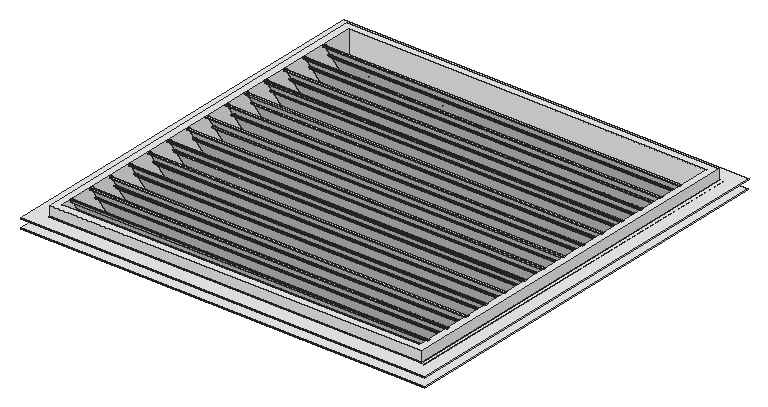
Revit family "NLRS_00_AIR_Muurrooster_ST-483_Storax", category Air Terminals, host Face, Revit 2023
Family settings
  Host = Face
  Round Connector Dimension = Use Diameter
  Part Type = Normal
  Cut with Voids When Loaded = No
  Shared = No
  Room Calculation Point = Yes
Parameters (values of type "ST-483")
  ZZZ_Profile_width_Length [instance] = 885 mm
  ZZZ_Profile top_offset_Length = 124.5 mm
  ZZZ_Profile middle_offset_Length = if(1 = 1, STX_I Blade_pitch, 1 mm)  # 60 mm
  ZZZ_Profile middle_amount__Integer [instance] = if(ZZZ_Profile middle_amount_Integer < 2, 2, ZZZ_Profile middle_amount_Integer)  # 13
  ZZZ_Profile middle_amount_Integer [instance] = (ZZZ_Height_Length - ZZZ_Profile top_offset_Length - ZZZ_Profile middle_offset_Length - ZZZ_Flange_offset_Length) / ZZZ_Profile middle_offset_Length  # 13
  ZZZ_Profile bottom_minimum height_Length = 60 mm
  ZZZ_Profile bottom_height_Length [instance] = if((ZZZ_Height_Length - ZZZ_Profile top_offset_Length - ZZZ_Profile middle_offset_Length * ZZZ_Profile middle_amount_Integer - ZZZ_Flange_offset_Length) < ZZZ_Profile bottom_minimum height_Length, ZZZ_Profile bottom_minimum height_Length, ZZZ_Height_Length - ZZZ_Profile top_offset_Length - ZZZ_Profile middle_offset_Length * ZZZ_Profile middle_amount_Integer - ZZZ_Flange_offset_Length)  # 60 mm
  ZZZ_Louvre_insertion point_Length = 0 mm
  ZZZ_Louvre_insertion point negative_Length = if(1 = 1, -ZZZ_Louvre_insertion point_Length, 1 mm)  # 0 mm
  ZZZ_Louvre_FamilyType_Air Terminals = GEO_louvre_renson : standard
  ZZZ_Housing_medium and coarse_FamilyType_Air Terminals = GEO_housing - gl - medium and coarse_renson : standard
  ZZZ_Height_Length [instance] = 1000 mm
  ZZZ_Half width negative_Length [instance] = -500 mm
  ZZZ_Half height negative_Length [instance] = -500 mm
  ZZZ_Flange_thickness__Length [instance] = if(ZZZ_Flange_thickness_Length < 1 mm, 1 mm, ZZZ_Flange_thickness_Length)  # 24 mm
  ZZZ_Flange_thickness_Length [instance] = 24 mm
  ZZZ_Flange_offset_Length = 57.5 mm
  ZZZ_Flange_FamilyType_Air Terminals = GEO_flange - gl_renson : standard
  ZZZ_Depth_Length = if(1 = 1, RSen_C_depth, 1 mm)  # 87 mm
  ZZZ_Depth negative_Length = if(1 = 1, -RSen_C_depth, 1 mm)  # -87 mm
  ZZZ_Cut out_width__Length [instance] = 920 mm
  ZZZ_Cut out_width_Length [instance] = 920 mm
  ZZZ_Cut out_radius_Length [instance] = 1 mm
  ZZZ_Cut out_height__Length [instance] = 920 mm
  ZZZ_Cut out_height_Length [instance] = 920 mm
  ZZZ_Cut out_diameter_Length [instance] = -80 mm
  ZZZ_Cut out_depth_Length = 500 mm
  ZZZ_Cut out_depth negative_Length = -500 mm
  ZZZ_Backframe_depth_Length [instance] = if(abs(ZZZ_Backframe_Z coordinate_Length) < 28 mm, 27 mm, 54 mm)  # 27 mm
  ZZZ_Backframe_Z coordinate_Length [instance] = -25.5 mm
  ZZZ_Airflow_surface_Area [instance] = STX_V Height * STX_V Width  # 1.00 m²
  ZZZ_Airflow_HVACAirflow = 1.0 m³/h  # constant formula
  Type IFC Predefined Type = "Grille"
  RSen_M_c01_flow_rate [instance] = if(STX_V Supply air, STX_I Airflow_intake by K factor, STX_I Airflow_discharge by K factor)  # 1965.72 m³/h
  RSen_C_width [instance] = if(STX_V Width < STX_I Width_min, STX_I Width_min, if(STX_I Width_max < 1 mm, STX_V Width, if(STX_V Width > STX_I Width_max, STX_I Width_max, STX_V Width)))  # 1000 mm
  RSen_C_type_comments = "glazed-in louvre"
  RSen_C_type = "high-airflow"
  RSen_C_model = "ST-483"
  RSen_C_material = RSen_h4_aluminum
  RSen_C_height [instance] = if(STX_V Height < STX_I Height_min, STX_I Height_min, if(STX_I Height_max < 1 mm, STX_V Height, if(STX_V Height > STX_I Height_max, STX_I Height_max, STX_V Height)))  # 1000 mm
  RSen_C_description = "ST-483"
  RSen_C_depth = 87 mm
  RSen_C_code_gtin = "-"
  RSen_C_code_article = "ST-483"
  RSen_C_code_ETIM_URL = "https://www.storax.nl/producten/renson-ventilatieroosters/st-483-76/"
  RSen_C_code_ETIM = "Overstroomrooster"  # constant formula
  RSen_C_code_CBNL = "Louvre"  # constant formula
  STX_W Fingerprint = "<RSen_C_length> x <RSen_C_height> mm"
  STX_V Width [instance] = 1000 mm
  STX_V Water channel [instance] = no
  STX_V Supply air = yes
  STX_V Mesh [instance] = NLRS_00_GM_Gaas_Storax : Insectengaas 2.3x2.3mm
  STX_V Insect mesh [instance] = yes
  STX_V Air exhaust = not(STX_V Supply air)  # no
  STX_V Pressure drop [instance] = 1.0 Pa
  STX_V Height [instance] = 1000 mm
  STX_I Without flange_info = "no"
  STX_I Without flange = no
  STX_I Width_min = 385 mm
  STX_I Width_max = 4000 mm
  STX_I Water channel = yes
  STX_I U-value = "-"
  STX_I Sound reduction_Rw = "-"
  STX_I Sound reduction_Dw = "-"
  STX_I Size_maximum = "see price list"
  STX_I Size maximum_info [instance] = ""
  STX_I Removable insect mesh_info = "Min. dimensions: 190x190 mm; Max. dimensions: 1500x1200 mm"  # constant formula
  STX_I Removable insect mesh = yes
  STX_I Puncture proof = no
  STX_I Glazed in = yes
  STX_I Flange_thickness = 24 mm
  STX_I Flange_thickness max = 32 mm
  STX_I Backframe = no
  STX_I Air flow [instance] = if(STX_V Supply air, "supply", "exhaust")  # "supply"
  STX_I Visual free area = 0.9
  STX_I Zichtbaar vrije opp. = 0.76
  STX_I Width with flange [instance] = 920 mm
  STX_I Material = "aluminiumAlMgSi0.5"
  STX_I K factor_intake = 5.59
  STX_I K factor_discharge = 5.62
  STX_I IP = "-"
  STX_I Height_min = 385 mm
  STX_I Height_max = 4000 mm
  STX_I G4 filter = yes
  STX_I Shape = "rectangular"
  STX_I Fire resistance = "-"
  STX_I Drainage profile = yes
  STX_I Diameter_min = 0 mm
  STX_I Diameter_max = 0 mm
  STX_I Depth_min = 0 mm
  STX_I Depth_max = 0 mm
  STX_I Control = "-"
  STX_I Ce coefficient_intake = 0.423
  STX_I Cd coefficient_discharge = 0.422
  STX_I Burglarproof_RC class = "-"
  STX_I Blade_type = "L.060HF"
  STX_I Blade_pitch = 60 mm
  STX_I Blade_shape = "Z"
  STX_I Backframe_min wall thickness = 0 mm
  STX_I Backframe_max wall thickness = 0 mm
  STX_I Assembly = ""
  STX_I Colour = ""
  STX_I BaseKeynote = "57.10.90.1"  # constant formula
  STX_I Height with flange [instance] = if(STX_I Glazed in, ZZZ_Height_Length - STX_I Flange_height * 2, ZZZ_Height_Length + STX_I Flange_height * 2)  # 920 mm
  STX_I Airflow_intake by K factor [instance] = ((ZZZ_Airflow_surface_Area / 1.00 m²) * ((sqrt((2.0 Pa * STX_V Pressure drop) / (1.2 * STX_I K factor_intake))) / 1.0 Pa)) * 3600.0 m³/h  # 1965.72 m³/h
  STX_I Airflow_discharge by K factor [instance] = ((ZZZ_Airflow_surface_Area / 1.00 m²) * ((sqrt((2.0 Pa * STX_V Pressure drop) / (1.2 * STX_I K factor_discharge))) / 1.0 Pa)) * 3600.0 m³/h  # 1960.46 m³/h
  STX_I Flange_thickness min = 24 mm
  STX_I Flange_height = 40 mm
  URL = ""
  Type Comments = RSen_C_type_comments  # "glazed-in louvre"
  Model = RSen_C_model  # "ST-483"
  Manufacturer = "Storax"  # constant formula
  IfcExportType = "Grille"  # constant formula
  IfcExportAs = "IfcAirTerminalType"  # constant formula
  Export Type to IFC As = "IfcAirTerminalType"
  Description = RSen_C_description  # "ST-483"
  Default Elevation = 1219.2 mm
  Based on = "Renson"  # constant formula
  Assembly Code = "57.10.90.1"
  Apparent Load = 0 VA
Reference planes
  plane 1 "Center (Front/Back)": y = 0
  plane 2: z = 0
  plane 3 "Center (Left/Right)": x = 0
  plane 4: y = 460
  plane 5: y = -460
  plane 6: x = -460
  plane 7: x = 460
  plane 8: x = -500
  plane 9: x = 500
  plane 10: y = -500
  plane 11: y = 500
  plane 12: z = 25.5
  plane 13: z = -61.5
  plane 14: x = 442.5
  plane 15: x = -442.5
  plane 16: y = 442.5
  plane 17: y = -442.5
  plane 18: y = 375.5
Forms (mm)
  Extrusion 1, solid, not visible, detail levels coarse
    sketch origin (-5, 0, 25.5) x (0, -1, 0) y (1, 0, 0)
      loop
        line (-500, -495) -> (500, -495) -> (500, 505) -> (-500, 505) -> (-500, -495)
    from 0 to -87 <- "ZZZ_Depth negative_Length"
Dimensions and locks
  equal spacing: plane 6, plane 3 "Center (Left/Right)", plane 7
  "STX_I Width with flange": plane 6 to plane 7
  equal spacing: plane 5, plane 1 "Center (Front/Back)", plane 4
  "STX_I Height with flange": plane 4 to plane 5
  equal spacing: plane 8, plane 3 "Center (Left/Right)", plane 9
  plane 8 to plane 9 = 1000 mm
  equal spacing: plane 11, plane 1 "Center (Front/Back)", plane 10
  "ZZZ_Height_Length": plane 11 to plane 10
  "RSen_C_depth": plane 12 to plane 13
  host face to plane 13 = 61.5 mm
  "ZZZ_Flange_offset_Length": plane 14 to plane 9
  "ZZZ_Flange_offset_Length": plane 8 to plane 15
  "ZZZ_Flange_offset_Length": plane 11 to plane 16
  "ZZZ_Flange_offset_Length": plane 17 to plane 10
  "ZZZ_Profile top_offset_Length": plane 11 to plane 18
  aligned and locked: plane 2 to host face
  aligned and locked: level to host face
  aligned and locked: Extrusion 1 sketch curve to plane 10
  aligned and locked: Extrusion 1 sketch curve to plane 9
  aligned and locked: Extrusion 1 sketch curve to plane 11
  aligned and locked: Extrusion 1 sketch curve to plane 8
  aligned and locked: plane 3 "Center (Left/Right)" to nested 3
  aligned and locked: plane 1 "Center (Front/Back)" to nested 3
  aligned and locked: nested 4 to plane 3 "Center (Left/Right)"
  aligned and locked: nested 4 to plane 1 "Center (Front/Back)"
Automatic sketch dimensions
  host sketch curve to host sketch curve = 2438.4 mm  (x2)
Nested families
  nested 1: "GEO_flange - gl_renson" at (0, 0, 25.5), type <- "ZZZ_Flange_FamilyType_Air Terminals", WT_V Flange_thickness <- "ZZZ_Flange_thickness__Length", REN_V Material_01 <- "RSen_C_material", REN_V Depth <- "RSen_C_depth", REN_V Height <- "RSen_C_height", REN_V Width <- "RSen_C_width", type "standard"
    with WT_V Flange_thickness 24 mm, WT_H Width 1000 mm, WT_H Round no, WT_H Rectangular yes, WT_H Radius 2 mm, WT_H Inner width 920 mm, WT_H Inner radius_02 1 mm, WT_H Inner radius 1 mm, WT_H Inner height 920 mm, WT_H Height 1000 mm, WT_H Depth 87 mm, REN_V Width 1000 mm, REN_V Material_01 RSen_h4_aluminum, REN_V Height 1000 mm, REN_V Diameter 0 mm, REN_V Depth 87 mm
  nested 2: "GEO_louvre_renson ST-060-0" at (0, 0, 25.5), WT_H Profile top_offset <- "ZZZ_Profile top_offset_Length", WT_H Profile middle_offset <- "ZZZ_Profile middle_offset_Length", WT_H Profile bottom_minimum height <- "ZZZ_Profile bottom_minimum height_Length", REN_V Height <- "RSen_C_height", REN_H Flange_offset <- "ZZZ_Flange_offset_Length", REN_V Material_01 <- "RSen_C_material", REN_V Width <- "RSen_C_width", type "standard"
    with WT_H Width 885 mm, WT_H Round no, WT_H Remaining height 22.5 mm, WT_H Rectangular yes, WT_H Radius 2 mm, WT_H R1 -57.5 mm, WT_H Profile top_offset 124.5 mm, WT_H Profile middle_single no, WT_H Profile middle_offset 60 mm, WT_H Profile middle_multiple yes, WT_H Profile middle_amount_ 14, WT_H Profile middle_amount 14, WT_H Profile bottom_minimum height 60 mm, WT_H Profile bottom_height 60 mm, WT_H L3 935 mm, WT_H L2 1050 mm, WT_H L1 10 mm, WT_H Height 1000 mm, WT_H Depth 78 mm, REN_V Width 1000 mm, REN_V Material_01 RSen_h4_aluminum, REN_V Height 1000 mm, REN_V Diameter 0 mm, REN_V Depth 78 mm, REN_H Flange_offset 57.5 mm
  nested 3: "water channel - SH_renson" at (0, 0, -61), REN_V Width <- "STX_V Width", REN_V Height <- "STX_V Height", visible <- "STX_V Water channel", REN_V Material_01 <- "RSen_C_material", type "water channel_renson"
    with ZZZ_Width_Length 885 mm, ZZZ_Round_YesNo no, ZZZ_Rectangular_YesNo yes, ZZZ_Radius_Length 2 mm, ZZZ_Height_Length 1000 mm, RSen_C_width 1000 mm, RSen_C_height 1000 mm, RSen_C_diameter 0 mm, REN_V Width 1000 mm, REN_V Material_01 RSen_h4_aluminum, REN_V Height 1000 mm, REN_V Diameter 0 mm, REN_V Depth 0 mm, REN_H Flange_offset 57.5 mm
  nested 4: "NLRS_00_GM_Gaas_Storax" at (-500, 500, -85.3) x (0, -1, 0) z (1, 0, 0), Height <- "STX_V Width", Width <- "STX_V Height", visible <- "STX_V Insect mesh", type "Insectengaas 2.3x2.3mm"
    with Width 1000 mm, Offset_Gaas_Top_Sides 63 mm, Offset_Gaas_Bottom 63 mm, Height 1000 mm
Definition of nested family "GEO_flange - gl_renson"
  Parameters
    WT_V Flange_thickness [instance] = 24 mm
    REN_V Material_01 [instance] = none
    REN_V Width [instance] = 200 mm
    REN_V Height [instance] = 200 mm
    WT_H Round [instance] = not(WT_H Rectangular)  # no
    WT_H Rectangular [instance] = and(REN_V Width > 0 mm, WT_H Height > 0 mm)  # yes
    WT_H Width [instance] = if(REN_V Width = 0 mm, 2 mm, REN_V Width)  # 200 mm
    REN_V Depth [instance] = 86 mm
    REN_V Diameter [instance] = 0 mm
    WT_V Flange_height = 40 mm
    WT_H Height [instance] = if(REN_V Height = 0 mm, 2 mm, REN_V Height)  # 200 mm
    WT_H Inner radius_02 [instance] = if(WT_H Inner radius - WT_V Flange_thickness < 1 mm, 1 mm, WT_H Inner radius - WT_V Flange_thickness)  # 1 mm
    WT_H Inner radius [instance] = if(WT_H Radius - WT_V Flange_height < 1 mm, 1 mm, WT_H Radius - WT_V Flange_height)  # 1 mm
    WT_H Inner width [instance] = if(WT_H Width - WT_V Flange_height * 2 < 1 mm, 1 mm, WT_H Width - WT_V Flange_height * 2)  # 120 mm
    WT_H Inner height [instance] = if(WT_H Height - WT_V Flange_height * 2 < 1 mm, 1 mm, WT_H Height - WT_V Flange_height * 2)  # 120 mm
    WT_H Radius [instance] = if(REN_V Diameter = 0 mm, 2 mm, REN_V Diameter / 2)  # 2 mm
    WT_H Depth [instance] = if(REN_V Depth = 0 mm, 1 mm, REN_V Depth)  # 86 mm
    Default Elevation = 2500 mm
  Reference planes
    plane 1 "Center (Front/Back)": y = 0
    plane 2: z = 0
    plane 3 "Center (Left/Right)": x = 0
    plane 4 "top": z = -86
    plane 5 "left": x = -60
    plane 6 "right": x = 60
    plane 7: x = -100
    plane 8: x = 100
    plane 9 "back": y = 60
    plane 10 "front": y = -60
    plane 11: y = 100
    plane 12: y = -100
    plane 13: z = -24
  Forms (mm)
    Extrusion 1, solid
      sketch origin (0, 0, 0) x (1, 0, 0) y (0, 1, 0)
        loop
          line (-1219.2, 1219.2) -> (-1219.2, -1219.2) -> (1219.2, -1219.2) -> (1219.2, 1219.2) -> (-1219.2, 1219.2)
      from 0 to -304.8
    Sweep 2, solid, material <- "REN_V Material_01"
      path origin (0, 0, 0) x (1, 0, 0) y (0, 1, 0)
        loop
          line (-100, 100) -> (-100, -100) -> (100, -100) -> (100, 100) -> (-100, 100)
      profile "PRF_profile - flange - gl_renson : standaard" origin (0, 100, 0) x (0, 1, 0) y (0, 0, 1)
        loop
          line (0, -25) -> (-39, -25)
          arc (-39, -25) -> (-39.707, -24.707) -> (-40, -24) r 1
          line (-40, -24) -> (-40, 0) -> (-57.5, 0) -> (-57.5, -80) -> (-71, -80) -> (-71, -81.5) -> (-63, -81.5) -> (-63, -85)
          arc (-63, -85) -> (-61.5, -85.866) -> (-61.5, -84.134) r 1
          line (-61.5, -84.134) -> (-61.5, -81.5) -> (-57.5, -81.5) -> (-57.5, -85.5)
          arc (-57.5, -85.5) -> (-56.5, -86.5) -> (-55.5, -85.5) r 1
          line (-55.5, -85.5) -> (-55.5, -64.8)
          arc (-55.5, -64.8) -> (-55.207, -64.093) -> (-54.5, -63.8) r 1
          line (-54.5, -63.8) -> (-40, -63.8) -> (-40, -50)
          arc (-40, -50) -> (-39.707, -49.293) -> (-39, -49) r 1
          line (-39, -49) -> (0, -49) -> (0, -47) -> (-32, -47) -> (-32, -27) -> (0, -27) -> (0, -25)
  Dimensions and locks
    equal spacing: plane 7, plane 3 "Center (Left/Right)", plane 8
    "WT_H Width": plane 7 to plane 8
    equal spacing: plane 5 "left", plane 3 "Center (Left/Right)", plane 6 "right"
    "WT_H Inner width": plane 5 "left" to plane 6 "right"
    equal spacing: plane 11, plane 1 "Center (Front/Back)", plane 12
    equal spacing: plane 9 "back", plane 1 "Center (Front/Back)", plane 10 "front"
    "WT_H Height": plane 12 to plane 11
    "WT_H Inner height": plane 10 "front" to plane 9 "back"
    "WT_H Depth": level to plane 4 "top"
    "WT_V Flange_thickness": level to plane 13
    aligned and locked: plane 2 to Extrusion 1
    aligned and locked: level to Extrusion 1
    aligned and locked: plane 11 to Sweep 2 sketch curve
    aligned and locked: Sweep 2 sketch curve to plane 12
    aligned and locked: Sweep 2 sketch curve to plane 8
    aligned and locked: plane 7 to Sweep 2 sketch curve
  Automatic sketch dimensions
    Extrusion 1 sketch curve to Extrusion 1 sketch curve = 2438.4 mm  (x2)
Definition of nested family "GEO_louvre_renson ST-060-0"
  Parameters (values of type "standard")
    WT_H Remaining height [instance] = (WT_H Height - (WT_H Profile middle_amount * WT_H Profile middle_offset) - (2 * REN_H Flange_offset)) / 2  # 15 mm
    WT_H R1 [instance] = if(1 = 1, REN_V Diameter / 2 - REN_H Flange_offset, 1 mm)  # -20 mm
    WT_H Profile middle_multiple [instance] = WT_H Profile middle_amount > 1  # yes
    WT_H Profile top_offset [instance] = 81 mm
    WT_H Profile middle_single [instance] = and(WT_H Height - WT_H Profile top_offset - WT_H Profile middle_offset - REN_H Flange_offset + 15 mm > WT_H Profile middle_offset, WT_H Profile middle_amount < 2)  # no
    WT_H Profile middle_offset [instance] = 60 mm
    REN_V Material_01 [instance] = none
    REN_V Width [instance] = 1000 mm
    REN_V Height [instance] = 1150 mm
    WT_H Profile middle_amount_ [instance] = if(WT_H Profile middle_amount < 2, 2, WT_H Profile middle_amount)  # 18
    WT_H Profile middle_amount [instance] = rounddown((WT_H Height - REN_H Flange_offset - REN_H Flange_offset) / WT_H Profile middle_offset)  # 18
    WT_H Profile bottom_height [instance] = if((WT_H Height - WT_H Profile top_offset - WT_H Profile middle_offset * WT_H Profile middle_amount - REN_H Flange_offset) < WT_H Profile bottom_minimum height, WT_H Profile bottom_minimum height, WT_H Height - WT_H Profile top_offset - WT_H Profile middle_offset * WT_H Profile middle_amount - REN_H Flange_offset)  # 39 mm
    WT_H L3 [instance] = WT_H Width + 50 mm  # 1010 mm
    WT_H L2 [instance] = WT_H Height + 50 mm  # 1200 mm
    WT_H L1 [instance] = if(or(REN_V Width = 0 mm, REN_V Height = 0 mm), -REN_V Depth - 10 mm, 10 mm)  # 10 mm
    REN_H Flange_offset [instance] = 20 mm
    WT_H Round [instance] = not(WT_H Rectangular)  # no
    WT_H Rectangular [instance] = and(REN_V Width > 0 mm, WT_H Height > 0 mm)  # yes
    WT_H Width [instance] = if(REN_V Width = 0 mm, REN_V Diameter - REN_H Flange_offset * 2, REN_V Width - REN_H Flange_offset * 2)  # 960 mm
    REN_V Depth [instance] = 78 mm
    REN_V Diameter [instance] = 0 mm
    WT_H Profile bottom_minimum height [instance] = 39 mm
    WT_H Height [instance] = if(REN_V Height = 0 mm, REN_V Diameter, REN_V Height)  # 1150 mm
    WT_H Radius [instance] = if(REN_V Diameter = 0 mm, 2 mm, REN_V Diameter / 2)  # 2 mm
    WT_H Depth [instance] = if(REN_V Depth = 0 mm, 1 mm, REN_V Depth)  # 78 mm
    Default Elevation = 2500 mm
  Reference planes
    plane 1 "Center (Front/Back)": y = 0
    plane 2: z = 0
    plane 3 "Center (Left/Right)": x = 0
    plane 4 "top": z = -78
    plane 5: x = -480
    plane 6: x = 480
    plane 7: y = 575
    plane 8: y = -575
    plane 9: y = 555
    plane 10: y = -555
    plane 11: y = 540
    plane 12: y = 480
    plane 13: y = 420
    plane 14: y = 360
    plane 15: y = 300
    plane 16: y = 240
    plane 17: y = 180
    plane 18: y = 120
    plane 19: y = 60
    plane 20: y = 0
    plane 21: y = -60
    plane 22: y = -120
    plane 23: y = -180
    plane 24: y = -240
    plane 25: y = -300
    plane 26: y = -360
    plane 27: y = -420
    plane 28: y = -480
  Forms (mm)
    Extrusion 1, solid
      sketch origin (0, 0, 0) x (1, 0, 0) y (0, 1, 0)
        loop
          line (-1219.2, 1219.2) -> (-1219.2, -1219.2) -> (1219.2, -1219.2) -> (1219.2, 1219.2) -> (-1219.2, 1219.2)
      from 0 to -304.8
    Sweep 2, solid, material <- "REN_V Material_01"
      path origin (0, 30, 0) x (1, 0, 0) y (0, 1, 0)
        loop
          line (-480, 510) -> (480, 510)
      profile "PRF_profile - middle_renson : standaard" origin (0, 540, 0) x (0, 1, 0) y (0, 0, 1)
        loop
          line (-2.032, -76.6) -> (-4.135, -76.6)
          arc (-4.135, -76.6) -> (-5.097, -76.353) -> (-5.822, -75.675) r 2
          line (-5.822, -75.675) -> (-53.45, -0.925)
          arc (-53.45, -0.925) -> (-54.175, -0.247) -> (-55.137, 0) r 2
          line (-55.137, 0) -> (-60.165, 0) -> (-57.911, -3.537)
          arc (-57.911, -3.537) -> (-57.235, -3.986) -> (-56.448, -3.785) r 1
          line (-56.448, -3.785) -> (-57.968, -1.4) -> (-54.808, -1.4) -> (-37.072, -29.235) -> (-39.319, -28.187)
          arc (-39.319, -28.187) -> (-39.731, -28.047) -> (-40.164, -28) r 2
          arc (-40.164, -28) -> (-40.897, -28.135) -> (-41.518, -28.546) r 1.867
          arc (-41.518, -28.546) -> (-41.626, -29.091) -> (-41.164, -29.4) r 0.5
          line (-41.164, -29.4) -> (-40.032, -29.4) -> (-37.725, -30.465) -> (-36.218, -30.869)
          arc (-36.218, -30.869) -> (-35.836, -31.181) -> (-35.817, -31.674) r 0.6
          arc (-35.817, -31.674) -> (-36.221, -32.444) -> (-37.075, -32.606) r 1
          line (-37.075, -32.606) -> (-38.517, -32.22) -> (-39.116, -32.819) -> (-38.586, -33.651) -> (-37.438, -33.959)
          arc (-37.438, -33.959) -> (-35.914, -33.864) -> (-34.756, -32.87) r 2.4
          line (-34.756, -32.87) -> (-6, -78) -> (-1, -78) -> (-1, -79) -> (0, -79) -> (0, -77.742) -> (-1.918, -74.731) -> (-3.174, -74.807) -> (-2.032, -76.6)
    Sweep 3, solid, material <- "REN_V Material_01"
      path origin (0, -30, 0) x (1, 0, 0) y (0, 1, 0)
        loop
          line (-480, 510) -> (480, 510)
      profile "PRF_profile - middle_renson : standaard" origin (0, 480, 0) x (0, 1, 0) y (0, 0, 1)
        loop
          line (-2.032, -76.6) -> (-4.135, -76.6)
          arc (-4.135, -76.6) -> (-5.097, -76.353) -> (-5.822, -75.675) r 2
          line (-5.822, -75.675) -> (-53.45, -0.925)
          arc (-53.45, -0.925) -> (-54.175, -0.247) -> (-55.137, 0) r 2
          line (-55.137, 0) -> (-60.165, 0) -> (-57.911, -3.537)
          arc (-57.911, -3.537) -> (-57.235, -3.986) -> (-56.448, -3.785) r 1
          line (-56.448, -3.785) -> (-57.968, -1.4) -> (-54.808, -1.4) -> (-37.072, -29.235) -> (-39.319, -28.187)
          arc (-39.319, -28.187) -> (-39.731, -28.047) -> (-40.164, -28) r 2
          arc (-40.164, -28) -> (-40.897, -28.135) -> (-41.518, -28.546) r 1.867
          arc (-41.518, -28.546) -> (-41.626, -29.091) -> (-41.164, -29.4) r 0.5
          line (-41.164, -29.4) -> (-40.032, -29.4) -> (-37.725, -30.465) -> (-36.218, -30.869)
          arc (-36.218, -30.869) -> (-35.836, -31.181) -> (-35.817, -31.674) r 0.6
          arc (-35.817, -31.674) -> (-36.221, -32.444) -> (-37.075, -32.606) r 1
          line (-37.075, -32.606) -> (-38.517, -32.22) -> (-39.116, -32.819) -> (-38.586, -33.651) -> (-37.438, -33.959)
          arc (-37.438, -33.959) -> (-35.914, -33.864) -> (-34.756, -32.87) r 2.4
          line (-34.756, -32.87) -> (-6, -78) -> (-1, -78) -> (-1, -79) -> (0, -79) -> (0, -77.742) -> (-1.918, -74.731) -> (-3.174, -74.807) -> (-2.032, -76.6)
    Sweep 4, solid, material <- "REN_V Material_01"
      path origin (0, -90, 0) x (1, 0, 0) y (0, 1, 0)
        loop
          line (-480, 510) -> (480, 510)
      profile "PRF_profile - middle_renson : standaard" origin (0, 420, 0) x (0, 1, 0) y (0, 0, 1)
        loop
          line (-2.032, -76.6) -> (-4.135, -76.6)
          arc (-4.135, -76.6) -> (-5.097, -76.353) -> (-5.822, -75.675) r 2
          line (-5.822, -75.675) -> (-53.45, -0.925)
          arc (-53.45, -0.925) -> (-54.175, -0.247) -> (-55.137, 0) r 2
          line (-55.137, 0) -> (-60.165, 0) -> (-57.911, -3.537)
          arc (-57.911, -3.537) -> (-57.235, -3.986) -> (-56.448, -3.785) r 1
          line (-56.448, -3.785) -> (-57.968, -1.4) -> (-54.808, -1.4) -> (-37.072, -29.235) -> (-39.319, -28.187)
          arc (-39.319, -28.187) -> (-39.731, -28.047) -> (-40.164, -28) r 2
          arc (-40.164, -28) -> (-40.897, -28.135) -> (-41.518, -28.546) r 1.867
          arc (-41.518, -28.546) -> (-41.626, -29.091) -> (-41.164, -29.4) r 0.5
          line (-41.164, -29.4) -> (-40.032, -29.4) -> (-37.725, -30.465) -> (-36.218, -30.869)
          arc (-36.218, -30.869) -> (-35.836, -31.181) -> (-35.817, -31.674) r 0.6
          arc (-35.817, -31.674) -> (-36.221, -32.444) -> (-37.075, -32.606) r 1
          line (-37.075, -32.606) -> (-38.517, -32.22) -> (-39.116, -32.819) -> (-38.586, -33.651) -> (-37.438, -33.959)
          arc (-37.438, -33.959) -> (-35.914, -33.864) -> (-34.756, -32.87) r 2.4
          line (-34.756, -32.87) -> (-6, -78) -> (-1, -78) -> (-1, -79) -> (0, -79) -> (0, -77.742) -> (-1.918, -74.731) -> (-3.174, -74.807) -> (-2.032, -76.6)
    Sweep 5, solid, material <- "REN_V Material_01"
      path origin (0, -150, 0) x (1, 0, 0) y (0, 1, 0)
        loop
          line (-480, 510) -> (480, 510)
      profile "PRF_profile - middle_renson : standaard" origin (0, 360, 0) x (0, 1, 0) y (0, 0, 1)
        loop
          line (-2.032, -76.6) -> (-4.135, -76.6)
          arc (-4.135, -76.6) -> (-5.097, -76.353) -> (-5.822, -75.675) r 2
          line (-5.822, -75.675) -> (-53.45, -0.925)
          arc (-53.45, -0.925) -> (-54.175, -0.247) -> (-55.137, 0) r 2
          line (-55.137, 0) -> (-60.165, 0) -> (-57.911, -3.537)
          arc (-57.911, -3.537) -> (-57.235, -3.986) -> (-56.448, -3.785) r 1
          line (-56.448, -3.785) -> (-57.968, -1.4) -> (-54.808, -1.4) -> (-37.072, -29.235) -> (-39.319, -28.187)
          arc (-39.319, -28.187) -> (-39.731, -28.047) -> (-40.164, -28) r 2
          arc (-40.164, -28) -> (-40.897, -28.135) -> (-41.518, -28.546) r 1.867
          arc (-41.518, -28.546) -> (-41.626, -29.091) -> (-41.164, -29.4) r 0.5
          line (-41.164, -29.4) -> (-40.032, -29.4) -> (-37.725, -30.465) -> (-36.218, -30.869)
          arc (-36.218, -30.869) -> (-35.836, -31.181) -> (-35.817, -31.674) r 0.6
          arc (-35.817, -31.674) -> (-36.221, -32.444) -> (-37.075, -32.606) r 1
          line (-37.075, -32.606) -> (-38.517, -32.22) -> (-39.116, -32.819) -> (-38.586, -33.651) -> (-37.438, -33.959)
          arc (-37.438, -33.959) -> (-35.914, -33.864) -> (-34.756, -32.87) r 2.4
          line (-34.756, -32.87) -> (-6, -78) -> (-1, -78) -> (-1, -79) -> (0, -79) -> (0, -77.742) -> (-1.918, -74.731) -> (-3.174, -74.807) -> (-2.032, -76.6)
    Sweep 6, solid, material <- "REN_V Material_01"
      path origin (0, -210, 0) x (1, 0, 0) y (0, 1, 0)
        loop
          line (-480, 510) -> (480, 510)
      profile "PRF_profile - middle_renson : standaard" origin (0, 300, 0) x (0, 1, 0) y (0, 0, 1)
        loop
          line (-2.032, -76.6) -> (-4.135, -76.6)
          arc (-4.135, -76.6) -> (-5.097, -76.353) -> (-5.822, -75.675) r 2
          line (-5.822, -75.675) -> (-53.45, -0.925)
          arc (-53.45, -0.925) -> (-54.175, -0.247) -> (-55.137, 0) r 2
          line (-55.137, 0) -> (-60.165, 0) -> (-57.911, -3.537)
          arc (-57.911, -3.537) -> (-57.235, -3.986) -> (-56.448, -3.785) r 1
          line (-56.448, -3.785) -> (-57.968, -1.4) -> (-54.808, -1.4) -> (-37.072, -29.235) -> (-39.319, -28.187)
          arc (-39.319, -28.187) -> (-39.731, -28.047) -> (-40.164, -28) r 2
          arc (-40.164, -28) -> (-40.897, -28.135) -> (-41.518, -28.546) r 1.867
          arc (-41.518, -28.546) -> (-41.626, -29.091) -> (-41.164, -29.4) r 0.5
          line (-41.164, -29.4) -> (-40.032, -29.4) -> (-37.725, -30.465) -> (-36.218, -30.869)
          arc (-36.218, -30.869) -> (-35.836, -31.181) -> (-35.817, -31.674) r 0.6
          arc (-35.817, -31.674) -> (-36.221, -32.444) -> (-37.075, -32.606) r 1
          line (-37.075, -32.606) -> (-38.517, -32.22) -> (-39.116, -32.819) -> (-38.586, -33.651) -> (-37.438, -33.959)
          arc (-37.438, -33.959) -> (-35.914, -33.864) -> (-34.756, -32.87) r 2.4
          line (-34.756, -32.87) -> (-6, -78) -> (-1, -78) -> (-1, -79) -> (0, -79) -> (0, -77.742) -> (-1.918, -74.731) -> (-3.174, -74.807) -> (-2.032, -76.6)
    Sweep 7, solid, material <- "REN_V Material_01"
      path origin (0, -270, 0) x (1, 0, 0) y (0, 1, 0)
        loop
          line (-480, 510) -> (480, 510)
      profile "PRF_profile - middle_renson : standaard" origin (0, 240, 0) x (0, 1, 0) y (0, 0, 1)
        loop
          line (-2.032, -76.6) -> (-4.135, -76.6)
          arc (-4.135, -76.6) -> (-5.097, -76.353) -> (-5.822, -75.675) r 2
          line (-5.822, -75.675) -> (-53.45, -0.925)
          arc (-53.45, -0.925) -> (-54.175, -0.247) -> (-55.137, 0) r 2
          line (-55.137, 0) -> (-60.165, 0) -> (-57.911, -3.537)
          arc (-57.911, -3.537) -> (-57.235, -3.986) -> (-56.448, -3.785) r 1
          line (-56.448, -3.785) -> (-57.968, -1.4) -> (-54.808, -1.4) -> (-37.072, -29.235) -> (-39.319, -28.187)
          arc (-39.319, -28.187) -> (-39.731, -28.047) -> (-40.164, -28) r 2
          arc (-40.164, -28) -> (-40.897, -28.135) -> (-41.518, -28.546) r 1.867
          arc (-41.518, -28.546) -> (-41.626, -29.091) -> (-41.164, -29.4) r 0.5
          line (-41.164, -29.4) -> (-40.032, -29.4) -> (-37.725, -30.465) -> (-36.218, -30.869)
          arc (-36.218, -30.869) -> (-35.836, -31.181) -> (-35.817, -31.674) r 0.6
          arc (-35.817, -31.674) -> (-36.221, -32.444) -> (-37.075, -32.606) r 1
          line (-37.075, -32.606) -> (-38.517, -32.22) -> (-39.116, -32.819) -> (-38.586, -33.651) -> (-37.438, -33.959)
          arc (-37.438, -33.959) -> (-35.914, -33.864) -> (-34.756, -32.87) r 2.4
          line (-34.756, -32.87) -> (-6, -78) -> (-1, -78) -> (-1, -79) -> (0, -79) -> (0, -77.742) -> (-1.918, -74.731) -> (-3.174, -74.807) -> (-2.032, -76.6)
    Sweep 8, solid, material <- "REN_V Material_01"
      path origin (0, -330, 0) x (1, 0, 0) y (0, 1, 0)
        loop
          line (-480, 510) -> (480, 510)
      profile "PRF_profile - middle_renson : standaard" origin (0, 180, 0) x (0, 1, 0) y (0, 0, 1)
        loop
          line (-2.032, -76.6) -> (-4.135, -76.6)
          arc (-4.135, -76.6) -> (-5.097, -76.353) -> (-5.822, -75.675) r 2
          line (-5.822, -75.675) -> (-53.45, -0.925)
          arc (-53.45, -0.925) -> (-54.175, -0.247) -> (-55.137, 0) r 2
          line (-55.137, 0) -> (-60.165, 0) -> (-57.911, -3.537)
          arc (-57.911, -3.537) -> (-57.235, -3.986) -> (-56.448, -3.785) r 1
          line (-56.448, -3.785) -> (-57.968, -1.4) -> (-54.808, -1.4) -> (-37.072, -29.235) -> (-39.319, -28.187)
          arc (-39.319, -28.187) -> (-39.731, -28.047) -> (-40.164, -28) r 2
          arc (-40.164, -28) -> (-40.897, -28.135) -> (-41.518, -28.546) r 1.867
          arc (-41.518, -28.546) -> (-41.626, -29.091) -> (-41.164, -29.4) r 0.5
          line (-41.164, -29.4) -> (-40.032, -29.4) -> (-37.725, -30.465) -> (-36.218, -30.869)
          arc (-36.218, -30.869) -> (-35.836, -31.181) -> (-35.817, -31.674) r 0.6
          arc (-35.817, -31.674) -> (-36.221, -32.444) -> (-37.075, -32.606) r 1
          line (-37.075, -32.606) -> (-38.517, -32.22) -> (-39.116, -32.819) -> (-38.586, -33.651) -> (-37.438, -33.959)
          arc (-37.438, -33.959) -> (-35.914, -33.864) -> (-34.756, -32.87) r 2.4
          line (-34.756, -32.87) -> (-6, -78) -> (-1, -78) -> (-1, -79) -> (0, -79) -> (0, -77.742) -> (-1.918, -74.731) -> (-3.174, -74.807) -> (-2.032, -76.6)
    Sweep 9, solid, material <- "REN_V Material_01"
      path origin (0, -390, 0) x (1, 0, 0) y (0, 1, 0)
        loop
          line (-480, 510) -> (480, 510)
      profile "PRF_profile - middle_renson : standaard" origin (0, 120, 0) x (0, 1, 0) y (0, 0, 1)
        loop
          line (-2.032, -76.6) -> (-4.135, -76.6)
          arc (-4.135, -76.6) -> (-5.097, -76.353) -> (-5.822, -75.675) r 2
          line (-5.822, -75.675) -> (-53.45, -0.925)
          arc (-53.45, -0.925) -> (-54.175, -0.247) -> (-55.137, 0) r 2
          line (-55.137, 0) -> (-60.165, 0) -> (-57.911, -3.537)
          arc (-57.911, -3.537) -> (-57.235, -3.986) -> (-56.448, -3.785) r 1
          line (-56.448, -3.785) -> (-57.968, -1.4) -> (-54.808, -1.4) -> (-37.072, -29.235) -> (-39.319, -28.187)
          arc (-39.319, -28.187) -> (-39.731, -28.047) -> (-40.164, -28) r 2
          arc (-40.164, -28) -> (-40.897, -28.135) -> (-41.518, -28.546) r 1.867
          arc (-41.518, -28.546) -> (-41.626, -29.091) -> (-41.164, -29.4) r 0.5
          line (-41.164, -29.4) -> (-40.032, -29.4) -> (-37.725, -30.465) -> (-36.218, -30.869)
          arc (-36.218, -30.869) -> (-35.836, -31.181) -> (-35.817, -31.674) r 0.6
          arc (-35.817, -31.674) -> (-36.221, -32.444) -> (-37.075, -32.606) r 1
          line (-37.075, -32.606) -> (-38.517, -32.22) -> (-39.116, -32.819) -> (-38.586, -33.651) -> (-37.438, -33.959)
          arc (-37.438, -33.959) -> (-35.914, -33.864) -> (-34.756, -32.87) r 2.4
          line (-34.756, -32.87) -> (-6, -78) -> (-1, -78) -> (-1, -79) -> (0, -79) -> (0, -77.742) -> (-1.918, -74.731) -> (-3.174, -74.807) -> (-2.032, -76.6)
    Sweep 10, solid, material <- "REN_V Material_01"
      path origin (0, -450, 0) x (1, 0, 0) y (0, 1, 0)
        loop
          line (-480, 510) -> (480, 510)
      profile "PRF_profile - middle_renson : standaard" origin (0, 60, 0) x (0, 1, 0) y (0, 0, 1)
        loop
          line (-2.032, -76.6) -> (-4.135, -76.6)
          arc (-4.135, -76.6) -> (-5.097, -76.353) -> (-5.822, -75.675) r 2
          line (-5.822, -75.675) -> (-53.45, -0.925)
          arc (-53.45, -0.925) -> (-54.175, -0.247) -> (-55.137, 0) r 2
          line (-55.137, 0) -> (-60.165, 0) -> (-57.911, -3.537)
          arc (-57.911, -3.537) -> (-57.235, -3.986) -> (-56.448, -3.785) r 1
          line (-56.448, -3.785) -> (-57.968, -1.4) -> (-54.808, -1.4) -> (-37.072, -29.235) -> (-39.319, -28.187)
          arc (-39.319, -28.187) -> (-39.731, -28.047) -> (-40.164, -28) r 2
          arc (-40.164, -28) -> (-40.897, -28.135) -> (-41.518, -28.546) r 1.867
          arc (-41.518, -28.546) -> (-41.626, -29.091) -> (-41.164, -29.4) r 0.5
          line (-41.164, -29.4) -> (-40.032, -29.4) -> (-37.725, -30.465) -> (-36.218, -30.869)
          arc (-36.218, -30.869) -> (-35.836, -31.181) -> (-35.817, -31.674) r 0.6
          arc (-35.817, -31.674) -> (-36.221, -32.444) -> (-37.075, -32.606) r 1
          line (-37.075, -32.606) -> (-38.517, -32.22) -> (-39.116, -32.819) -> (-38.586, -33.651) -> (-37.438, -33.959)
          arc (-37.438, -33.959) -> (-35.914, -33.864) -> (-34.756, -32.87) r 2.4
          line (-34.756, -32.87) -> (-6, -78) -> (-1, -78) -> (-1, -79) -> (0, -79) -> (0, -77.742) -> (-1.918, -74.731) -> (-3.174, -74.807) -> (-2.032, -76.6)
    Sweep 11, solid, material <- "REN_V Material_01"
      path origin (0, -510, 0) x (1, 0, 0) y (0, 1, 0)
        loop
          line (-480, 510) -> (480, 510)
      profile "PRF_profile - middle_renson : standaard" origin (0, 0, 0) x (0, 1, 0) y (0, 0, 1)
        loop
          line (-2.032, -76.6) -> (-4.135, -76.6)
          arc (-4.135, -76.6) -> (-5.097, -76.353) -> (-5.822, -75.675) r 2
          line (-5.822, -75.675) -> (-53.45, -0.925)
          arc (-53.45, -0.925) -> (-54.175, -0.247) -> (-55.137, 0) r 2
          line (-55.137, 0) -> (-60.165, 0) -> (-57.911, -3.537)
          arc (-57.911, -3.537) -> (-57.235, -3.986) -> (-56.448, -3.785) r 1
          line (-56.448, -3.785) -> (-57.968, -1.4) -> (-54.808, -1.4) -> (-37.072, -29.235) -> (-39.319, -28.187)
          arc (-39.319, -28.187) -> (-39.731, -28.047) -> (-40.164, -28) r 2
          arc (-40.164, -28) -> (-40.897, -28.135) -> (-41.518, -28.546) r 1.867
          arc (-41.518, -28.546) -> (-41.626, -29.091) -> (-41.164, -29.4) r 0.5
          line (-41.164, -29.4) -> (-40.032, -29.4) -> (-37.725, -30.465) -> (-36.218, -30.869)
          arc (-36.218, -30.869) -> (-35.836, -31.181) -> (-35.817, -31.674) r 0.6
          arc (-35.817, -31.674) -> (-36.221, -32.444) -> (-37.075, -32.606) r 1
          line (-37.075, -32.606) -> (-38.517, -32.22) -> (-39.116, -32.819) -> (-38.586, -33.651) -> (-37.438, -33.959)
          arc (-37.438, -33.959) -> (-35.914, -33.864) -> (-34.756, -32.87) r 2.4
          line (-34.756, -32.87) -> (-6, -78) -> (-1, -78) -> (-1, -79) -> (0, -79) -> (0, -77.742) -> (-1.918, -74.731) -> (-3.174, -74.807) -> (-2.032, -76.6)
    Sweep 12, solid, material <- "REN_V Material_01"
      path origin (0, -570, 0) x (1, 0, 0) y (0, 1, 0)
        loop
          line (-480, 510) -> (480, 510)
      profile "PRF_profile - middle_renson : standaard" origin (0, -60, 0) x (0, 1, 0) y (0, 0, 1)
        loop
          line (-2.032, -76.6) -> (-4.135, -76.6)
          arc (-4.135, -76.6) -> (-5.097, -76.353) -> (-5.822, -75.675) r 2
          line (-5.822, -75.675) -> (-53.45, -0.925)
          arc (-53.45, -0.925) -> (-54.175, -0.247) -> (-55.137, 0) r 2
          line (-55.137, 0) -> (-60.165, 0) -> (-57.911, -3.537)
          arc (-57.911, -3.537) -> (-57.235, -3.986) -> (-56.448, -3.785) r 1
          line (-56.448, -3.785) -> (-57.968, -1.4) -> (-54.808, -1.4) -> (-37.072, -29.235) -> (-39.319, -28.187)
          arc (-39.319, -28.187) -> (-39.731, -28.047) -> (-40.164, -28) r 2
          arc (-40.164, -28) -> (-40.897, -28.135) -> (-41.518, -28.546) r 1.867
          arc (-41.518, -28.546) -> (-41.626, -29.091) -> (-41.164, -29.4) r 0.5
          line (-41.164, -29.4) -> (-40.032, -29.4) -> (-37.725, -30.465) -> (-36.218, -30.869)
          arc (-36.218, -30.869) -> (-35.836, -31.181) -> (-35.817, -31.674) r 0.6
          arc (-35.817, -31.674) -> (-36.221, -32.444) -> (-37.075, -32.606) r 1
          line (-37.075, -32.606) -> (-38.517, -32.22) -> (-39.116, -32.819) -> (-38.586, -33.651) -> (-37.438, -33.959)
          arc (-37.438, -33.959) -> (-35.914, -33.864) -> (-34.756, -32.87) r 2.4
          line (-34.756, -32.87) -> (-6, -78) -> (-1, -78) -> (-1, -79) -> (0, -79) -> (0, -77.742) -> (-1.918, -74.731) -> (-3.174, -74.807) -> (-2.032, -76.6)
    Sweep 13, solid, material <- "REN_V Material_01"
      path origin (0, -630, 0) x (1, 0, 0) y (0, 1, 0)
        loop
          line (-480, 510) -> (480, 510)
      profile "PRF_profile - middle_renson : standaard" origin (0, -120, 0) x (0, 1, 0) y (0, 0, 1)
        loop
          line (-2.032, -76.6) -> (-4.135, -76.6)
          arc (-4.135, -76.6) -> (-5.097, -76.353) -> (-5.822, -75.675) r 2
          line (-5.822, -75.675) -> (-53.45, -0.925)
          arc (-53.45, -0.925) -> (-54.175, -0.247) -> (-55.137, 0) r 2
          line (-55.137, 0) -> (-60.165, 0) -> (-57.911, -3.537)
          arc (-57.911, -3.537) -> (-57.235, -3.986) -> (-56.448, -3.785) r 1
          line (-56.448, -3.785) -> (-57.968, -1.4) -> (-54.808, -1.4) -> (-37.072, -29.235) -> (-39.319, -28.187)
          arc (-39.319, -28.187) -> (-39.731, -28.047) -> (-40.164, -28) r 2
          arc (-40.164, -28) -> (-40.897, -28.135) -> (-41.518, -28.546) r 1.867
          arc (-41.518, -28.546) -> (-41.626, -29.091) -> (-41.164, -29.4) r 0.5
          line (-41.164, -29.4) -> (-40.032, -29.4) -> (-37.725, -30.465) -> (-36.218, -30.869)
          arc (-36.218, -30.869) -> (-35.836, -31.181) -> (-35.817, -31.674) r 0.6
          arc (-35.817, -31.674) -> (-36.221, -32.444) -> (-37.075, -32.606) r 1
          line (-37.075, -32.606) -> (-38.517, -32.22) -> (-39.116, -32.819) -> (-38.586, -33.651) -> (-37.438, -33.959)
          arc (-37.438, -33.959) -> (-35.914, -33.864) -> (-34.756, -32.87) r 2.4
          line (-34.756, -32.87) -> (-6, -78) -> (-1, -78) -> (-1, -79) -> (0, -79) -> (0, -77.742) -> (-1.918, -74.731) -> (-3.174, -74.807) -> (-2.032, -76.6)
    Sweep 14, solid, material <- "REN_V Material_01"
      path origin (0, -690, 0) x (1, 0, 0) y (0, 1, 0)
        loop
          line (-480, 510) -> (480, 510)
      profile "PRF_profile - middle_renson : standaard" origin (0, -180, 0) x (0, 1, 0) y (0, 0, 1)
        loop
          line (-2.032, -76.6) -> (-4.135, -76.6)
          arc (-4.135, -76.6) -> (-5.097, -76.353) -> (-5.822, -75.675) r 2
          line (-5.822, -75.675) -> (-53.45, -0.925)
          arc (-53.45, -0.925) -> (-54.175, -0.247) -> (-55.137, 0) r 2
          line (-55.137, 0) -> (-60.165, 0) -> (-57.911, -3.537)
          arc (-57.911, -3.537) -> (-57.235, -3.986) -> (-56.448, -3.785) r 1
          line (-56.448, -3.785) -> (-57.968, -1.4) -> (-54.808, -1.4) -> (-37.072, -29.235) -> (-39.319, -28.187)
          arc (-39.319, -28.187) -> (-39.731, -28.047) -> (-40.164, -28) r 2
          arc (-40.164, -28) -> (-40.897, -28.135) -> (-41.518, -28.546) r 1.867
          arc (-41.518, -28.546) -> (-41.626, -29.091) -> (-41.164, -29.4) r 0.5
          line (-41.164, -29.4) -> (-40.032, -29.4) -> (-37.725, -30.465) -> (-36.218, -30.869)
          arc (-36.218, -30.869) -> (-35.836, -31.181) -> (-35.817, -31.674) r 0.6
          arc (-35.817, -31.674) -> (-36.221, -32.444) -> (-37.075, -32.606) r 1
          line (-37.075, -32.606) -> (-38.517, -32.22) -> (-39.116, -32.819) -> (-38.586, -33.651) -> (-37.438, -33.959)
          arc (-37.438, -33.959) -> (-35.914, -33.864) -> (-34.756, -32.87) r 2.4
          line (-34.756, -32.87) -> (-6, -78) -> (-1, -78) -> (-1, -79) -> (0, -79) -> (0, -77.742) -> (-1.918, -74.731) -> (-3.174, -74.807) -> (-2.032, -76.6)
    Sweep 15, solid, material <- "REN_V Material_01"
      path origin (0, -750, 0) x (1, 0, 0) y (0, 1, 0)
        loop
          line (-480, 510) -> (480, 510)
      profile "PRF_profile - middle_renson : standaard" origin (0, -240, 0) x (0, 1, 0) y (0, 0, 1)
        loop
          line (-2.032, -76.6) -> (-4.135, -76.6)
          arc (-4.135, -76.6) -> (-5.097, -76.353) -> (-5.822, -75.675) r 2
          line (-5.822, -75.675) -> (-53.45, -0.925)
          arc (-53.45, -0.925) -> (-54.175, -0.247) -> (-55.137, 0) r 2
          line (-55.137, 0) -> (-60.165, 0) -> (-57.911, -3.537)
          arc (-57.911, -3.537) -> (-57.235, -3.986) -> (-56.448, -3.785) r 1
          line (-56.448, -3.785) -> (-57.968, -1.4) -> (-54.808, -1.4) -> (-37.072, -29.235) -> (-39.319, -28.187)
          arc (-39.319, -28.187) -> (-39.731, -28.047) -> (-40.164, -28) r 2
          arc (-40.164, -28) -> (-40.897, -28.135) -> (-41.518, -28.546) r 1.867
          arc (-41.518, -28.546) -> (-41.626, -29.091) -> (-41.164, -29.4) r 0.5
          line (-41.164, -29.4) -> (-40.032, -29.4) -> (-37.725, -30.465) -> (-36.218, -30.869)
          arc (-36.218, -30.869) -> (-35.836, -31.181) -> (-35.817, -31.674) r 0.6
          arc (-35.817, -31.674) -> (-36.221, -32.444) -> (-37.075, -32.606) r 1
          line (-37.075, -32.606) -> (-38.517, -32.22) -> (-39.116, -32.819) -> (-38.586, -33.651) -> (-37.438, -33.959)
          arc (-37.438, -33.959) -> (-35.914, -33.864) -> (-34.756, -32.87) r 2.4
          line (-34.756, -32.87) -> (-6, -78) -> (-1, -78) -> (-1, -79) -> (0, -79) -> (0, -77.742) -> (-1.918, -74.731) -> (-3.174, -74.807) -> (-2.032, -76.6)
    Sweep 16, solid, material <- "REN_V Material_01"
      path origin (0, -810, 0) x (1, 0, 0) y (0, 1, 0)
        loop
          line (-480, 510) -> (480, 510)
      profile "PRF_profile - middle_renson : standaard" origin (0, -300, 0) x (0, 1, 0) y (0, 0, 1)
        loop
          line (-2.032, -76.6) -> (-4.135, -76.6)
          arc (-4.135, -76.6) -> (-5.097, -76.353) -> (-5.822, -75.675) r 2
          line (-5.822, -75.675) -> (-53.45, -0.925)
          arc (-53.45, -0.925) -> (-54.175, -0.247) -> (-55.137, 0) r 2
          line (-55.137, 0) -> (-60.165, 0) -> (-57.911, -3.537)
          arc (-57.911, -3.537) -> (-57.235, -3.986) -> (-56.448, -3.785) r 1
          line (-56.448, -3.785) -> (-57.968, -1.4) -> (-54.808, -1.4) -> (-37.072, -29.235) -> (-39.319, -28.187)
          arc (-39.319, -28.187) -> (-39.731, -28.047) -> (-40.164, -28) r 2
          arc (-40.164, -28) -> (-40.897, -28.135) -> (-41.518, -28.546) r 1.867
          arc (-41.518, -28.546) -> (-41.626, -29.091) -> (-41.164, -29.4) r 0.5
          line (-41.164, -29.4) -> (-40.032, -29.4) -> (-37.725, -30.465) -> (-36.218, -30.869)
          arc (-36.218, -30.869) -> (-35.836, -31.181) -> (-35.817, -31.674) r 0.6
          arc (-35.817, -31.674) -> (-36.221, -32.444) -> (-37.075, -32.606) r 1
          line (-37.075, -32.606) -> (-38.517, -32.22) -> (-39.116, -32.819) -> (-38.586, -33.651) -> (-37.438, -33.959)
          arc (-37.438, -33.959) -> (-35.914, -33.864) -> (-34.756, -32.87) r 2.4
          line (-34.756, -32.87) -> (-6, -78) -> (-1, -78) -> (-1, -79) -> (0, -79) -> (0, -77.742) -> (-1.918, -74.731) -> (-3.174, -74.807) -> (-2.032, -76.6)
    Sweep 17, solid, material <- "REN_V Material_01"
      path origin (0, -870, 0) x (1, 0, 0) y (0, 1, 0)
        loop
          line (-480, 510) -> (480, 510)
      profile "PRF_profile - middle_renson : standaard" origin (0, -360, 0) x (0, 1, 0) y (0, 0, 1)
        loop
          line (-2.032, -76.6) -> (-4.135, -76.6)
          arc (-4.135, -76.6) -> (-5.097, -76.353) -> (-5.822, -75.675) r 2
          line (-5.822, -75.675) -> (-53.45, -0.925)
          arc (-53.45, -0.925) -> (-54.175, -0.247) -> (-55.137, 0) r 2
          line (-55.137, 0) -> (-60.165, 0) -> (-57.911, -3.537)
          arc (-57.911, -3.537) -> (-57.235, -3.986) -> (-56.448, -3.785) r 1
          line (-56.448, -3.785) -> (-57.968, -1.4) -> (-54.808, -1.4) -> (-37.072, -29.235) -> (-39.319, -28.187)
          arc (-39.319, -28.187) -> (-39.731, -28.047) -> (-40.164, -28) r 2
          arc (-40.164, -28) -> (-40.897, -28.135) -> (-41.518, -28.546) r 1.867
          arc (-41.518, -28.546) -> (-41.626, -29.091) -> (-41.164, -29.4) r 0.5
          line (-41.164, -29.4) -> (-40.032, -29.4) -> (-37.725, -30.465) -> (-36.218, -30.869)
          arc (-36.218, -30.869) -> (-35.836, -31.181) -> (-35.817, -31.674) r 0.6
          arc (-35.817, -31.674) -> (-36.221, -32.444) -> (-37.075, -32.606) r 1
          line (-37.075, -32.606) -> (-38.517, -32.22) -> (-39.116, -32.819) -> (-38.586, -33.651) -> (-37.438, -33.959)
          arc (-37.438, -33.959) -> (-35.914, -33.864) -> (-34.756, -32.87) r 2.4
          line (-34.756, -32.87) -> (-6, -78) -> (-1, -78) -> (-1, -79) -> (0, -79) -> (0, -77.742) -> (-1.918, -74.731) -> (-3.174, -74.807) -> (-2.032, -76.6)
    Sweep 18, solid, material <- "REN_V Material_01"
      path origin (0, -930, 0) x (1, 0, 0) y (0, 1, 0)
        loop
          line (-480, 510) -> (480, 510)
      profile "PRF_profile - middle_renson : standaard" origin (0, -420, 0) x (0, 1, 0) y (0, 0, 1)
        loop
          line (-2.032, -76.6) -> (-4.135, -76.6)
          arc (-4.135, -76.6) -> (-5.097, -76.353) -> (-5.822, -75.675) r 2
          line (-5.822, -75.675) -> (-53.45, -0.925)
          arc (-53.45, -0.925) -> (-54.175, -0.247) -> (-55.137, 0) r 2
          line (-55.137, 0) -> (-60.165, 0) -> (-57.911, -3.537)
          arc (-57.911, -3.537) -> (-57.235, -3.986) -> (-56.448, -3.785) r 1
          line (-56.448, -3.785) -> (-57.968, -1.4) -> (-54.808, -1.4) -> (-37.072, -29.235) -> (-39.319, -28.187)
          arc (-39.319, -28.187) -> (-39.731, -28.047) -> (-40.164, -28) r 2
          arc (-40.164, -28) -> (-40.897, -28.135) -> (-41.518, -28.546) r 1.867
          arc (-41.518, -28.546) -> (-41.626, -29.091) -> (-41.164, -29.4) r 0.5
          line (-41.164, -29.4) -> (-40.032, -29.4) -> (-37.725, -30.465) -> (-36.218, -30.869)
          arc (-36.218, -30.869) -> (-35.836, -31.181) -> (-35.817, -31.674) r 0.6
          arc (-35.817, -31.674) -> (-36.221, -32.444) -> (-37.075, -32.606) r 1
          line (-37.075, -32.606) -> (-38.517, -32.22) -> (-39.116, -32.819) -> (-38.586, -33.651) -> (-37.438, -33.959)
          arc (-37.438, -33.959) -> (-35.914, -33.864) -> (-34.756, -32.87) r 2.4
          line (-34.756, -32.87) -> (-6, -78) -> (-1, -78) -> (-1, -79) -> (0, -79) -> (0, -77.742) -> (-1.918, -74.731) -> (-3.174, -74.807) -> (-2.032, -76.6)
    Sweep 19, solid, material <- "REN_V Material_01"
      path origin (0, -990, 0) x (1, 0, 0) y (0, 1, 0)
        loop
          line (-480, 510) -> (480, 510)
      profile "PRF_profile - middle_renson : standaard" origin (0, -480, 0) x (0, 1, 0) y (0, 0, 1)
        loop
          line (-2.032, -76.6) -> (-4.135, -76.6)
          arc (-4.135, -76.6) -> (-5.097, -76.353) -> (-5.822, -75.675) r 2
          line (-5.822, -75.675) -> (-53.45, -0.925)
          arc (-53.45, -0.925) -> (-54.175, -0.247) -> (-55.137, 0) r 2
          line (-55.137, 0) -> (-60.165, 0) -> (-57.911, -3.537)
          arc (-57.911, -3.537) -> (-57.235, -3.986) -> (-56.448, -3.785) r 1
          line (-56.448, -3.785) -> (-57.968, -1.4) -> (-54.808, -1.4) -> (-37.072, -29.235) -> (-39.319, -28.187)
          arc (-39.319, -28.187) -> (-39.731, -28.047) -> (-40.164, -28) r 2
          arc (-40.164, -28) -> (-40.897, -28.135) -> (-41.518, -28.546) r 1.867
          arc (-41.518, -28.546) -> (-41.626, -29.091) -> (-41.164, -29.4) r 0.5
          line (-41.164, -29.4) -> (-40.032, -29.4) -> (-37.725, -30.465) -> (-36.218, -30.869)
          arc (-36.218, -30.869) -> (-35.836, -31.181) -> (-35.817, -31.674) r 0.6
          arc (-35.817, -31.674) -> (-36.221, -32.444) -> (-37.075, -32.606) r 1
          line (-37.075, -32.606) -> (-38.517, -32.22) -> (-39.116, -32.819) -> (-38.586, -33.651) -> (-37.438, -33.959)
          arc (-37.438, -33.959) -> (-35.914, -33.864) -> (-34.756, -32.87) r 2.4
          line (-34.756, -32.87) -> (-6, -78) -> (-1, -78) -> (-1, -79) -> (0, -79) -> (0, -77.742) -> (-1.918, -74.731) -> (-3.174, -74.807) -> (-2.032, -76.6)
  Dimensions and locks
    equal spacing: plane 5, plane 3 "Center (Left/Right)", plane 6
    "WT_H Width": plane 5 to plane 6
    equal spacing: plane 7, plane 1 "Center (Front/Back)", plane 8
    "WT_H Height": plane 8 to plane 7
    "WT_H Depth": level to plane 4 "top"
    plane 7 to plane 8 = 1150 mm
    "REN_H Flange_offset": plane 10 to plane 8
    "REN_H Flange_offset": plane 7 to plane 9
    "WT_H Remaining height": plane 9 to plane 11
    equal spacing: group 1, group 2, group 3, group 4, group 5, group 6, group 7, group 8, group 9, group 10, group 11, group 12, group 13, group 14, group 15, group 16, group 17, group 18  (x2)
    equal spacing: group 18, group 17, group 16, group 15, group 14, group 13, group 12, group 11, group 10, group 9, group 8, group 7, group 6, group 5, group 4, group 3, group 2, group 1
    "WT_H Profile middle_offset": plane 11 to plane 12
    "WT_H Width": Sweep 2 sketch curve to Sweep 2 sketch curve
    "WT_H Width": Sweep 3 sketch curve to Sweep 3 sketch curve
    "WT_H Width": Sweep 4 sketch curve to Sweep 4 sketch curve
    "WT_H Width": Sweep 5 sketch curve to Sweep 5 sketch curve
    "WT_H Width": Sweep 6 sketch curve to Sweep 6 sketch curve
    "WT_H Width": Sweep 7 sketch curve to Sweep 7 sketch curve
    "WT_H Width": Sweep 8 sketch curve to Sweep 8 sketch curve
    "WT_H Width": Sweep 9 sketch curve to Sweep 9 sketch curve
    "WT_H Width": Sweep 10 sketch curve to Sweep 10 sketch curve
    "WT_H Width": Sweep 11 sketch curve to Sweep 11 sketch curve
    "WT_H Width": Sweep 12 sketch curve to Sweep 12 sketch curve
    "WT_H Width": Sweep 13 sketch curve to Sweep 13 sketch curve
    "WT_H Width": Sweep 14 sketch curve to Sweep 14 sketch curve
    "WT_H Width": Sweep 15 sketch curve to Sweep 15 sketch curve
    "WT_H Width": Sweep 16 sketch curve to Sweep 16 sketch curve
    "WT_H Width": Sweep 17 sketch curve to Sweep 17 sketch curve
    "WT_H Width": Sweep 18 sketch curve to Sweep 18 sketch curve
    "WT_H Width": Sweep 19 sketch curve to Sweep 19 sketch curve
    aligned and locked: plane 2 to Extrusion 1
    aligned and locked: level to Extrusion 1
  Automatic sketch dimensions
    Extrusion 1 sketch curve to Extrusion 1 sketch curve = 2438.4 mm  (x2)
    plane 11 to Sweep 2 sketch curve = 0 mm  (x3)
    plane 27 to Sweep 18 sketch curve = 0 mm  (x2)
    plane 12 to Sweep 3 sketch curve = 0 mm  (x2)
    plane 13 to Sweep 4 sketch curve = 0 mm  (x2)
    plane 14 to Sweep 5 sketch curve = 0 mm  (x2)
    plane 15 to Sweep 6 sketch curve = 0 mm  (x2)
    plane 16 to Sweep 7 sketch curve = 0 mm  (x2)
    plane 17 to Sweep 8 sketch curve = 0 mm  (x2)
    plane 18 to Sweep 9 sketch curve = 0 mm  (x2)
    plane 19 to Sweep 10 sketch curve = 0 mm  (x2)
    plane 20 to Sweep 11 sketch curve = 0 mm  (x2)
    plane 21 to Sweep 12 sketch curve = 0 mm  (x2)
    plane 22 to Sweep 13 sketch curve = 0 mm  (x2)
    plane 23 to Sweep 14 sketch curve = 0 mm  (x2)
    plane 24 to Sweep 15 sketch curve = 0 mm  (x2)
    plane 25 to Sweep 16 sketch curve = 0 mm  (x2)
    plane 26 to Sweep 17 sketch curve = 0 mm  (x2)
    plane 28 to Sweep 19 sketch curve = 0 mm  (x3)
Definition of nested family "water channel - SH_renson"
  Parameters (values of type "water channel_renson")
    ZZZ_Width_Length [instance] = if(REN_V Width = 0 mm, REN_V Diameter - REN_H Flange_offset * 2, REN_V Width - REN_H Flange_offset * 2)  # 988 mm
    ZZZ_Round_YesNo [instance] = not(ZZZ_Rectangular_YesNo)  # no
    ZZZ_Rectangular_YesNo [instance] = and(REN_V Width > 0 mm, ZZZ_Height_Length > 0 mm)  # yes
    ZZZ_Radius_Length [instance] = if(REN_V Diameter = 0 mm, 2 mm, REN_V Diameter / 2)  # 2 mm
    ZZZ_Height_Length [instance] = if(REN_V Height = 0 mm, REN_V Diameter, REN_V Height)  # 1000 mm
    RSen_C_width [instance] = if(REN_V Width < REN_I Width_min, REN_I Width_min, if(REN_I Width_max < 1 mm, REN_V Width, if(REN_V Width > REN_I Width_max, REN_I Width_max, REN_V Width)))  # 1000 mm
    RSen_C_type_comments = "water channel"
    RSen_C_type = "water channel"
    RSen_C_model = "water channel"
    RSen_C_height [instance] = if(REN_V Height < REN_I Height_min, REN_I Width_min, if(REN_I Height_max < 1 mm, REN_V Height, if(REN_V Height > REN_I Height_max, REN_I Height_max, REN_V Height)))  # 1000 mm
    RSen_C_diameter [instance] = if(REN_V Diameter < REN_I Diameter_min, REN_I Diameter_min, if(REN_I Diameter_max < 1 mm, REN_V Diameter, if(REN_V Diameter > REN_I Diameter_max, REN_I Diameter_max, REN_V Diameter)))  # 0 mm
    RSen_C_description = "renson_water channel"
    RSen_C_depth = 0 mm
    RSen_C_code_gtin = "-"
    RSen_C_code_article = "water channel"
    RSen_C_code_ETIM_URL = "http://prod.etim-international.com/Class/Details?classId=EC010230&classVersion=5"
    RSen_C_code_ETIM = "Overstroomrooster"  # constant formula
    RSen_C_code_CBNL = "Louvre"  # constant formula
    REN_W Fingerprint = "<RSen_C_length> mm"
    REN_V Material_01 [instance] = none
    REN_V Width [instance] = 1000 mm
    REN_V Height [instance] = 1000 mm
    REN_V Depth [instance] = 0 mm
    REN_I Width_min = 0 mm
    REN_I Width_max = 0 mm
    REN_I Height_min = 0 mm
    REN_I Height_max = 0 mm
    REN_I Diameter_min = 0 mm
    REN_I Diameter_max = 0 mm
    REN_I BaseKeynote = "57.10.90.1"  # constant formula
    REN_V Diameter [instance] = 0 mm
    URL = "http://www.renson.be/nl/lastenboekteksten-industriele-roosters.html"
    Type Comments = RSen_C_type_comments  # "water channel"
    REN_H Flange_offset [instance] = 6 mm
    Model = RSen_C_model  # "water channel"
    Manufacturer = "Renson"  # constant formula
    IfcExportType = "Grille"  # constant formula
    IfcExportAs = "IfcAirTerminalType"  # constant formula
    Description = RSen_C_description  # "renson_water channel"
    Default Elevation = 2500 mm
    Assembly Code = "57.10.90.1"
  Reference planes
    plane 1 "Center (Front/Back)": y = 0
    plane 2: z = 0
    plane 3 "Center (Left/Right)": x = 0
    plane 4 "top": z = 0
    plane 5: x = -494
    plane 6: x = 494
    plane 7: y = 500
    plane 8: y = -500
    plane 9: y = 451.5
    plane 10: y = 418.5
  Forms (mm)
    Extrusion 1, solid
      sketch origin (0, 0, 0) x (1, 0, 0) y (0, 1, 0)
        loop
          line (-1219.2, 1219.2) -> (-1219.2, -1219.2) -> (1219.2, -1219.2) -> (1219.2, 1219.2) -> (-1219.2, 1219.2)
      from 0 to -304.8
    Sweep 2, solid, material <- "REN_V Material_01"
      path origin (0, 0, 0) x (1, 0, 0) y (0, 1, 0)
        loop
          line (-494, -500) -> (494, -500)
      profile "PRF_profile - water channel_renson : standard" origin (0, -500, 0) x (0, 1, 0) y (0, 0, 1)
        loop
          line (23.36, 5) -> (11.5, 5) -> (11.5, 3) -> (24.098, 3) -> (31.042, -15.819)
          arc (31.042, -15.819) -> (31.592, -16.531) -> (32.45, -16.8) r 1.5
          line (32.45, -16.8) -> (40.8, -16.8) -> (40.8, -14.5) -> (39.279, -14.5) -> (39.279, -15.3) -> (32.45, -15.3) -> (25.697, 3) -> (40.8, 3) -> (40.8, -1.7) -> (42.8, -1.7) -> (42.8, 3.5) -> (46.8, 3.5) -> (46.8, 0.666)
          arc (46.8, 0.666) -> (46.8, -1.066) -> (48.3, -0.2) r 1
